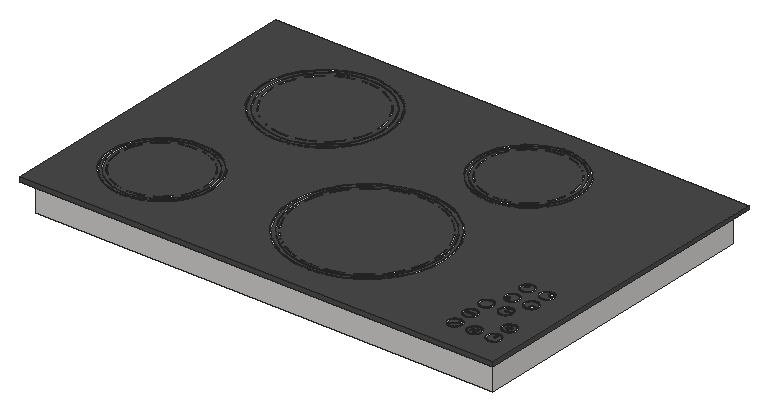
Revit family "QF_Summit_CR4B30T11B_Electric Cooktop", category Specialty Equipment, Revit 2020 (continued)
Lines and regions (in)
  symbolic lines
    curve 112: arc (18.84122, -1.96696, 0) -> (19.32257, -1.83798, 0) -> (19.81931, -1.79816, 0) r 2.7448
    curve 113: line (19.81931, -1.79816, 0) -> (19.81931, -1.76691, 0)
    curve 114: arc (19.81931, -1.76691, 0) -> (19.31709, -1.80721, 0) -> (18.83042, -1.93763, 0) r 2.77605
    curve 115: line (18.83042, -1.93763, 0) -> (18.84122, -1.96696, 0)
    curve 116: arc (17.67754, -2.78947, 0) -> (18.01373, -2.4497, 0) -> (18.40376, -2.1734, 0) r 2.7448
    curve 117: line (18.40376, -2.1734, 0) -> (18.38799, -2.14642, 0)
    curve 118: arc (18.38799, -2.14642, 0) -> (17.99351, -2.42587, 0) -> (17.6535, -2.76951, 0) r 2.77605
    curve 119: line (17.6535, -2.76951, 0) -> (17.67754, -2.78947, 0)
    curve 120: arc (1.85553, -15.48286, 0) -> (5.04303, -12.29536, 0) -> (8.23053, -15.48286, 0) r 3.1875
    curve 121: arc (8.29303, -15.48286, 0) -> (5.04303, -12.23286, 0) -> (1.79303, -15.48286, 0) r 3.25
    curve 122: arc (1.79303, -15.48286, 0) -> (5.04303, -18.73286, 0) -> (8.29303, -15.48286, 0) r 3.25
    curve 123: arc (8.23053, -15.48286, 0) -> (5.04303, -18.67036, 0) -> (1.85553, -15.48286, 0) r 3.1875
    curve 124: arc (2.02385, -15.48286, 0) -> (5.04303, -18.50204, 0) -> (8.06221, -15.48286, 0) r 3.01918
    curve 125: arc (8.06221, -15.48286, 0) -> (5.04303, -12.46368, 0) -> (2.02385, -15.48286, 0) r 3.01918
    curve 126: arc (8.03096, -15.48286, 0) -> (5.04303, -18.47079, 0) -> (2.0551, -15.48286, 0) r 2.98793
    curve 127: arc (2.0551, -15.48286, 0) -> (5.04303, -12.49493, 0) -> (8.03096, -15.48286, 0) r 2.98793
    curve 128: arc (2.93121, -13.72954, 0) -> (3.26739, -13.38976, 0) -> (3.65743, -13.11346, 0) r 2.7448
    curve 129: line (3.65743, -13.11346, 0) -> (3.64165, -13.08649, 0)
    curve 130: arc (3.64165, -13.08649, 0) -> (3.24718, -13.36593, 0) -> (2.90716, -13.70958, 0) r 2.77605
    curve 131: line (2.90716, -13.70958, 0) -> (2.93121, -13.72954, 0)
    curve 132: arc (4.09488, -12.90702, 0) -> (4.57624, -12.77804, 0) -> (5.07297, -12.73822, 0) r 2.7448
    curve 133: line (5.07297, -12.73822, 0) -> (5.07297, -12.70697, 0)
    curve 134: arc (5.07297, -12.70697, 0) -> (4.57075, -12.74728, 0) -> (4.08409, -12.87769, 0) r 2.77605
    curve 135: line (4.08409, -12.87769, 0) -> (4.09488, -12.90702, 0)
    curve 136: arc (5.53819, -12.78309, 0) -> (6.00075, -12.91056, 0) -> (6.43404, -13.11663, 0) r 2.7448
    curve 137: line (6.43404, -13.11663, 0) -> (6.44987, -13.08969, 0)
    curve 138: arc (6.44987, -13.08969, 0) -> (6.01165, -12.88128, 0) -> (5.54383, -12.75235, 0) r 2.77605
    curve 139: line (5.54383, -12.75235, 0) -> (5.53819, -12.78309, 0)
    curve 140: arc (6.79175, -13.36723, 0) -> (7.14976, -13.72342, 0) -> (7.43645, -14.13918, 0) r 2.7448
    curve 141: line (7.43645, -14.13918, 0) -> (7.4637, -14.12388, 0)
    curve 142: arc (7.4637, -14.12388, 0) -> (7.1747, -13.70453, 0) -> (6.81395, -13.34503, 0) r 2.77605
    curve 143: line (6.81395, -13.34503, 0) -> (6.79175, -13.36723, 0)
    curve 144: arc (7.81901, -15.50307, 0) -> (7.78036, -15.0208, 0) -> (7.65856, -14.55255, 0) r 2.77605
    curve 145: line (7.65856, -14.55255, 0) -> (7.62911, -14.56302, 0)
    curve 146: arc (7.62911, -14.56302, 0) -> (7.74956, -15.02611, 0) -> (7.78776, -15.50307, 0) r 2.7448
    curve 147: line (7.78776, -15.50307, 0) -> (7.81901, -15.50307, 0)
    curve 148: arc (7.43908, -16.88479, 0) -> (7.65085, -16.43455, 0) -> (7.77886, -15.95373, 0) r 2.77605
    curve 149: line (7.77886, -15.95373, 0) -> (7.74806, -15.94843, 0)
    curve 150: arc (7.74806, -15.94843, 0) -> (7.6215, -16.42384, 0) -> (7.41211, -16.86901, 0) r 2.7448
    curve 151: line (7.41211, -16.86901, 0) -> (7.43908, -16.88479, 0)
    curve 152: arc (6.43542, -17.88446, 0) -> (6.83025, -17.60708, 0) -> (7.17108, -17.26552, 0) r 2.77605
    curve 153: line (7.17108, -17.26552, 0) -> (7.14889, -17.24334, 0)
    curve 154: arc (7.14889, -17.24334, 0) -> (6.81118, -17.58228, 0) -> (6.41975, -17.85743, 0) r 2.7448
    curve 155: line (6.41975, -17.85743, 0) -> (6.43542, -17.88446, 0)
    curve 156: arc (5.05374, -18.25889, 0) -> (5.53871, -18.2143, 0) -> (6.00842, -18.08565, 0) r 2.77605
    curve 157: line (6.00842, -18.08565, 0) -> (5.99755, -18.05635, 0)
    curve 158: arc (5.99755, -18.05635, 0) -> (5.53319, -18.18354, 0) -> (5.05374, -18.22764, 0) r 2.7448
    curve 159: line (5.05374, -18.22764, 0) -> (5.05374, -18.25889, 0)
    curve 160: arc (3.62091, -17.86698, 0) -> (4.10285, -18.09486, 0) -> (4.61947, -18.22641, 0) r 2.77605
    curve 161: line (4.61947, -18.22641, 0) -> (4.62423, -18.19553, 0)
    curve 162: arc (4.62423, -18.19553, 0) -> (4.11343, -18.06546, 0) -> (3.63692, -17.84015, 0) r 2.7448
    curve 163: line (3.63692, -17.84015, 0) -> (3.62091, -17.86698, 0)
    curve 164: arc (2.62098, -16.83939, 0) -> (2.91281, -17.26293, 0) -> (3.27776, -17.62536, 0) r 2.77605
    curve 165: line (3.27776, -17.62536, 0) -> (3.29996, -17.60316, 0)
    curve 166: arc (3.29996, -17.60316, 0) -> (2.93776, -17.24405, 0) -> (2.64825, -16.82412, 0) r 2.7448
    curve 167: line (2.64825, -16.82412, 0) -> (2.62098, -16.83939, 0)
    curve 168: arc (2.46544, -16.42624, 0) -> (2.3373, -15.94435, 0) -> (2.29846, -15.44722, 0) r 2.7448
    curve 169: line (2.29846, -15.44722, 0) -> (2.2672, -15.44722, 0)
    curve 170: arc (2.2672, -15.44722, 0) -> (2.30653, -15.9498, 0) -> (2.43609, -16.43698, 0) r 2.77605
    curve 171: line (2.43609, -16.43698, 0) -> (2.46544, -16.42624, 0)
    curve 172: arc (2.33765, -15.01931, 0) -> (2.46549, -14.53933, 0) -> (2.67775, -14.09024, 0) r 2.7448
    curve 173: line (2.67775, -14.09024, 0) -> (2.65082, -14.07439, 0)
    curve 174: arc (2.65082, -14.07439, 0) -> (2.43615, -14.52858, 0) -> (2.30685, -15.01403, 0) r 2.77605
    curve 175: line (2.30685, -15.01403, 0) -> (2.33765, -15.01931, 0)
    curve 176: arc (21.88358, -13.98335, 0) -> (17.00858, -9.10835, 0) -> (12.13358, -13.98335, 0) r 4.875
    curve 177: arc (12.13358, -13.98335, 0) -> (17.00858, -18.85835, 0) -> (21.88358, -13.98335, 0) r 4.875
    curve 178: arc (12.19608, -13.98335, 0) -> (17.00858, -9.17085, 0) -> (21.82108, -13.98335, 0) r 4.8125
    curve 179: arc (21.82108, -13.98335, 0) -> (17.00858, -18.79585, 0) -> (12.19608, -13.98335, 0) r 4.8125
    curve 180: arc (21.61174, -13.98335, 0) -> (17.00858, -9.38019, 0) -> (12.40541, -13.98335, 0) r 4.60317
    curve 181: arc (12.40541, -13.98335, 0) -> (17.00858, -18.58652, 0) -> (21.61174, -13.98335, 0) r 4.60317
    curve 182: arc (12.43666, -13.98335, 0) -> (17.00858, -9.41144, 0) -> (21.58049, -13.98335, 0) r 4.57192
    curve 183: arc (21.58049, -13.98335, 0) -> (17.00858, -18.55527, 0) -> (12.43666, -13.98335, 0) r 4.57192
    curve 184: arc (12.65949, -13.49166, 0) -> (12.75282, -12.9612, 0) -> (12.91059, -12.44622, 0) r 4.37679
    curve 185: line (12.91059, -12.44622, 0) -> (12.88133, -12.43524, 0)
    curve 186: arc (12.88133, -12.43524, 0) -> (12.72243, -12.9539, 0) -> (12.62844, -13.48815, 0) r 4.40804
    curve 187: line (12.62844, -13.48815, 0) -> (12.65949, -13.49166, 0)
    curve 188: arc (13.08619, -12.04139, 0) -> (13.34942, -11.58192, 0) -> (13.66621, -11.1576, 0) r 4.37679
    curve 189: line (13.66621, -11.1576, 0) -> (13.64235, -11.13742, 0)
    curve 190: arc (13.64235, -11.13742, 0) -> (13.3233, -11.56477, 0) -> (13.05819, -12.02753, 0) r 4.40804
    curve 191: line (13.05819, -12.02753, 0) -> (13.08619, -12.04139, 0)
    curve 192: arc (13.99471, -10.80957, 0) -> (14.3905, -10.47594, 0) -> (14.82292, -10.19136, 0) r 4.37679
    curve 193: line (14.82292, -10.19136, 0) -> (14.80731, -10.16429, 0)
    curve 194: arc (14.80731, -10.16429, 0) -> (14.37148, -10.45113, 0) -> (13.9726, -10.78747, 0) r 4.40804
    curve 195: line (13.9726, -10.78747, 0) -> (13.99471, -10.80957, 0)
    curve 196: arc (15.25755, -9.9721, 0) -> (15.75646, -9.78949, 0) -> (16.27382, -9.66868, 0) r 4.37679
    curve 197: line (16.27382, -9.66868, 0) -> (16.26857, -9.63787, 0)
    curve 198: arc (16.26857, -9.63787, 0) -> (15.74752, -9.75955, 0) -> (15.24504, -9.94346, 0) r 4.40804
    curve 199: line (15.24504, -9.94346, 0) -> (15.25755, -9.9721, 0)
    curve 200: arc (16.73762, -9.61496, 0) -> (17.2659, -9.61413, 0) -> (17.79043, -9.67696, 0) r 4.37679
    curve 201: line (17.79043, -9.67696, 0) -> (17.79602, -9.64621, 0)
    curve 202: arc (17.79602, -9.64621, 0) -> (17.26774, -9.58294, 0) -> (16.73568, -9.58377, 0) r 4.40804
    curve 203: line (16.73568, -9.58377, 0) -> (16.73762, -9.61496, 0)
    curve 204: arc (18.24234, -9.78405, 0) -> (18.75219, -9.96887, 0) -> (19.23528, -10.21532, 0) r 4.37679
    curve 205: line (19.23528, -10.21532, 0) -> (19.25118, -10.18841, 0)
    curve 206: arc (19.25118, -10.18841, 0) -> (18.76464, -9.9402, 0) -> (18.25115, -9.75407, 0) r 4.40804
    curve 207: line (18.25115, -9.75407, 0) -> (18.24234, -9.78405, 0)
    curve 208: arc (19.57105, -10.43511, 0) -> (19.99854, -10.78703, 0) -> (20.37817, -11.19012, 0) r 4.37679
    curve 209: line (20.37817, -11.19012, 0) -> (20.40222, -11.17017, 0)
    curve 210: arc (20.40222, -11.17017, 0) -> (20.02172, -10.76593, 0) -> (19.59343, -10.41273, 0) r 4.40804
    curve 211: line (19.59343, -10.41273, 0) -> (19.57105, -10.43511, 0)
    curve 212: arc (20.6498, -11.55481, 0) -> (20.91901, -12.01744, 0) -> (21.12973, -12.50946, 0) r 4.37679
    curve 213: line (21.12973, -12.50946, 0) -> (21.15916, -12.49894, 0)
    curve 214: arc (21.15916, -12.49894, 0) -> (20.94693, -12.0034, 0) -> (20.6758, -11.53747, 0) r 4.40804
    curve 215: line (20.6758, -11.53747, 0) -> (20.6498, -11.55481, 0)
    curve 216: arc (21.26865, -12.97933, 0) -> (21.35697, -13.4856, 0) -> (21.38534, -13.99873, 0) r 4.37679
    curve 217: line (21.38534, -13.99873, 0) -> (21.41659, -13.99873, 0)
    curve 218: arc (21.41659, -13.99873, 0) -> (21.38801, -13.48199, 0) -> (21.29907, -12.97216, 0) r 4.40804
    curve 219: line (21.29907, -12.97216, 0) -> (21.26865, -12.97933, 0)
    curve 220: arc (21.35582, -14.49106, 0) -> (21.26553, -15.00054, 0) -> (21.11574, -15.49579, 0) r 4.37679
    curve 221: line (21.11574, -15.49579, 0) -> (21.14507, -15.50659, 0)
    curve 222: arc (21.14507, -15.50659, 0) -> (21.29592, -15.0078, 0) -> (21.38686, -14.49469, 0) r 4.40804
    curve 223: line (21.38686, -14.49469, 0) -> (21.35582, -14.49106, 0)
    curve 224: arc (20.36799, -16.83733, 0) -> (20.69281, -16.40352, 0) -> (20.96195, -15.93314, 0) r 4.40804
    curve 225: line (20.96195, -15.93314, 0) -> (20.93393, -15.91931, 0)
    curve 226: arc (20.93393, -15.91931, 0) -> (20.66739, -16.3853, 0) -> (20.34582, -16.81516, 0) r 4.37679
    curve 227: line (20.34582, -16.81516, 0) -> (20.36799, -16.83733, 0)
    curve 228: arc (19.20341, -17.80612, 0) -> (19.64305, -17.51753, 0) -> (20.0452, -17.17863, 0) r 4.40804
    curve 229: line (20.0452, -17.17863, 0) -> (20.02309, -17.15652, 0)
    curve 230: arc (20.02309, -17.15652, 0) -> (19.62405, -17.49271, 0) -> (19.18785, -17.77902, 0) r 4.37679
    curve 231: line (19.18785, -17.77902, 0) -> (19.20341, -17.80612, 0)
    curve 232: arc (17.77534, -18.32419, 0) -> (18.29216, -18.20037, 0) -> (18.79033, -18.01525, 0) r 4.40804
    curve 233: line (18.79033, -18.01525, 0) -> (18.7777, -17.98666, 0)
    curve 234: arc (18.7777, -17.98666, 0) -> (18.28306, -18.17047, 0) -> (17.7699, -18.29342, 0) r 4.37679
    curve 235: line (17.7699, -18.29342, 0) -> (17.77534, -18.32419, 0)
    curve 236: arc (16.24245, -18.3243, 0) -> (16.78325, -18.38563, 0) -> (17.32749, -18.37984, 0) r 4.40804
    curve 237: line (17.32749, -18.37984, 0) -> (17.32749, -18.34851, 0)
    curve 238: arc (17.32749, -18.34851, 0) -> (16.78598, -18.35448, 0) -> (16.24788, -18.29353, 0) r 4.37679
    curve 239: line (16.24788, -18.29353, 0) -> (16.24245, -18.3243, 0)
    curve 240: arc (14.82506, -17.81259, 0) -> (15.30018, -18.04687, 0) -> (15.79998, -18.22247, 0) r 4.40804
    curve 241: line (15.79998, -18.22247, 0) -> (15.80855, -18.19242, 0)
    curve 242: arc (15.80855, -18.19242, 0) -> (15.31229, -18.01807, 0) -> (14.84054, -17.78544, 0) r 4.37679
    curve 243: line (14.84054, -17.78544, 0) -> (14.82506, -17.81259, 0)
    curve 244: arc (13.63917, -16.82551, 0) -> (14.01385, -17.21792, 0) -> (14.43391, -17.56133, 0) r 4.40804
    curve 245: line (14.43391, -17.56133, 0) -> (14.45217, -17.53597, 0)
    curve 246: arc (14.45217, -17.53597, 0) -> (14.03411, -17.19409, 0) -> (13.66134, -16.80334, 0) r 4.37679
    curve 247: line (13.66134, -16.80334, 0) -> (13.63917, -16.82551, 0)
    curve 248: arc (12.86179, -15.47835, 0) -> (13.07741, -15.97752, 0) -> (13.35284, -16.44636, 0) r 4.40804
    curve 249: line (13.35284, -16.44636, 0) -> (13.37876, -16.4289, 0)
    curve 250: arc (13.37876, -16.4289, 0) -> (13.10528, -15.96339, 0) -> (12.89119, -15.46775, 0) r 4.37679
    curve 251: line (12.89119, -15.46775, 0) -> (12.86179, -15.47835, 0)
    curve 252: arc (12.60063, -13.95471, 0) -> (12.63128, -14.50307, 0) -> (12.72989, -15.04337, 0) r 4.40804
    curve 253: line (12.72989, -15.04337, 0) -> (12.76022, -15.03585, 0)
    curve 254: arc (12.76022, -15.03585, 0) -> (12.6623, -14.49929, 0) -> (12.63188, -13.95471, 0) r 4.37679
    curve 255: line (12.63188, -13.95471, 0) -> (12.60063, -13.95471, 0)
    curve 256: arc (26.47358, -13.49472, 0) -> (26.90227, -13.92341, 0) -> (27.33097, -13.49472, 0) r 0.42869
    curve 257: arc (27.33097, -13.49472, 0) -> (26.90227, -13.06603, 0) -> (26.47358, -13.49472, 0) r 0.42869
    curve 258: arc (27.29972, -13.49472, 0) -> (26.90227, -13.89216, 0) -> (26.50483, -13.49472, 0) r 0.39744
    curve 259: arc (26.50483, -13.49472, 0) -> (26.90227, -13.09728, 0) -> (27.29972, -13.49472, 0) r 0.39744
    curve 260: arc (26.60588, -13.33264, 0) -> (26.74122, -13.46797, 0) -> (26.87656, -13.33264, 0) r 0.13534
    curve 261: arc (26.87656, -13.33264, 0) -> (26.74122, -13.1973, 0) -> (26.60588, -13.33264, 0) r 0.13534
    curve 262: arc (27.70956, -13.49472, 0) -> (28.13825, -13.92341, 0) -> (28.56694, -13.49472, 0) r 0.42869
    curve 263: arc (28.56694, -13.49472, 0) -> (28.13825, -13.06603, 0) -> (27.70956, -13.49472, 0) r 0.42869
    curve 264: arc (27.74081, -13.49472, 0) -> (28.13825, -13.89216, 0) -> (28.53569, -13.49472, 0) r 0.39744
    curve 265: arc (28.53569, -13.49472, 0) -> (28.13825, -13.09728, 0) -> (27.74081, -13.49472, 0) r 0.39744
    curve 266: arc (28.16397, -13.33264, 0) -> (28.29931, -13.46797, 0) -> (28.43464, -13.33264, 0) r 0.13534
    curve 267: arc (28.43464, -13.33264, 0) -> (28.29931, -13.1973, 0) -> (28.16397, -13.33264, 0) r 0.13534
    curve 268: arc (27.33097, -14.74156, 0) -> (26.90227, -14.31287, 0) -> (26.47358, -14.74156, 0) r 0.42869
    curve 269: arc (26.47358, -14.74156, 0) -> (26.90227, -15.17026, 0) -> (27.33097, -14.74156, 0) r 0.42869
    curve 270: arc (26.50483, -14.74156, 0) -> (26.90227, -14.34412, 0) -> (27.29972, -14.74156, 0) r 0.39744
    curve 271: arc (27.29972, -14.74156, 0) -> (26.90227, -15.13901, 0) -> (26.50483, -14.74156, 0) r 0.39744
    curve 272: arc (26.87656, -14.90365, 0) -> (26.74122, -14.76831, 0) -> (26.60588, -14.90365, 0) r 0.13534
    curve 273: arc (26.60588, -14.90365, 0) -> (26.74122, -15.03898, 0) -> (26.87656, -14.90365, 0) r 0.13534
    curve 274: arc (28.56694, -14.74156, 0) -> (28.13825, -14.31287, 0) -> (27.70956, -14.74156, 0) r 0.42869
    curve 275: arc (27.70956, -14.74156, 0) -> (28.13825, -15.17026, 0) -> (28.56694, -14.74156, 0) r 0.42869
    curve 276: arc (27.74081, -14.74156, 0) -> (28.13825, -14.34412, 0) -> (28.53569, -14.74156, 0) r 0.39744
    curve 277: arc (28.53569, -14.74156, 0) -> (28.13825, -15.13901, 0) -> (27.74081, -14.74156, 0) r 0.39744
    curve 278: arc (28.43464, -14.90365, 0) -> (28.29931, -14.76831, 0) -> (28.16397, -14.90365, 0) r 0.13534
    curve 279: arc (28.16397, -14.90365, 0) -> (28.29931, -15.03898, 0) -> (28.43464, -14.90365, 0) r 0.13534
    curve 280: arc (27.95818, -16.01664, 0) -> (27.52949, -15.58795, 0) -> (27.1008, -16.01664, 0) r 0.42869
    curve 281: arc (27.1008, -16.01664, 0) -> (27.52949, -16.44533, 0) -> (27.95818, -16.01664, 0) r 0.42869
    curve 282: arc (27.13205, -16.01664, 0) -> (27.52949, -15.6192, 0) -> (27.92693, -16.01664, 0) r 0.39744
    curve 283: arc (27.92693, -16.01664, 0) -> (27.52949, -16.41408, 0) -> (27.13205, -16.01664, 0) r 0.39744
    curve 284: line (27.85688, -16.00195, 0) -> (27.54772, -15.9749, 0)
    curve 285: line (27.54772, -15.9749, 0) -> (27.51192, -15.68329, 0)
    curve 286: line (27.51192, -15.68329, 0) -> (27.4782, -16.06872, 0)
    curve 287: line (27.4782, -16.06872, 0) -> (27.85688, -16.00195, 0)
    curve 288: arc (26.70818, -16.01664, 0) -> (26.27949, -15.58795, 0) -> (25.8508, -16.01664, 0) r 0.42869
    curve 289: arc (25.8508, -16.01664, 0) -> (26.27949, -16.44533, 0) -> (26.70818, -16.01664, 0) r 0.42869
    curve 290: arc (25.9133, -16.01664, 0) -> (26.27949, -15.65045, 0) -> (26.64568, -16.01664, 0) r 0.36619
    curve 291: arc (26.64568, -16.01664, 0) -> (26.27949, -16.38283, 0) -> (25.9133, -16.01664, 0) r 0.36619
    curve 292: arc (26.68949, -17.2697, 0) -> (26.2608, -16.84101, 0) -> (25.83211, -17.2697, 0) r 0.42869
    curve 293: arc (25.83211, -17.2697, 0) -> (26.2608, -17.69839, 0) -> (26.68949, -17.2697, 0) r 0.42869
    curve 294: arc (25.86336, -17.2697, 0) -> (26.2608, -16.87226, 0) -> (26.65824, -17.2697, 0) r 0.39744
    curve 295: arc (26.65824, -17.2697, 0) -> (26.2608, -17.66714, 0) -> (25.86336, -17.2697, 0) r 0.39744
    curve 296: line (26.50086, -17.20423, 0) -> (26.02426, -17.20423, 0)
    curve 297: line (26.02426, -17.20423, 0) -> (26.02426, -17.32224, 0)
    curve 298: line (26.02426, -17.32224, 0) -> (26.50086, -17.32224, 0)
    curve 299: line (26.50086, -17.32224, 0) -> (26.50086, -17.20423, 0)
    curve 300: arc (29.18949, -17.2697, 0) -> (28.7608, -16.84101, 0) -> (28.33211, -17.2697, 0) r 0.42869
    curve 301: arc (28.33211, -17.2697, 0) -> (28.7608, -17.69839, 0) -> (29.18949, -17.2697, 0) r 0.42869
    curve 302: arc (28.36336, -17.2697, 0) -> (28.7608, -16.87226, 0) -> (29.15824, -17.2697, 0) r 0.39744
    curve 303: arc (29.15824, -17.2697, 0) -> (28.7608, -17.66714, 0) -> (28.36336, -17.2697, 0) r 0.39744
    curve 304: line (28.72073, -17.22567, 0) -> (28.59256, -17.22567, 0)
    curve 305: line (28.59256, -17.22567, 0) -> (28.59256, -17.31704, 0)
    curve 306: line (28.59256, -17.31704, 0) -> (28.72073, -17.31704, 0)
    curve 307: line (28.72073, -17.31704, 0) -> (28.72073, -17.44753, 0)
    curve 308: line (28.72073, -17.44753, 0) -> (28.80832, -17.44753, 0)
    curve 309: line (28.80832, -17.44753, 0) -> (28.80832, -17.31704, 0)
    curve 310: line (28.80832, -17.31704, 0) -> (28.92837, -17.31704, 0)
    curve 311: line (28.92837, -17.31704, 0) -> (28.92837, -17.22567, 0)
    curve 312: line (28.92837, -17.22567, 0) -> (28.80832, -17.22567, 0)
    curve 313: line (28.80832, -17.22567, 0) -> (28.80832, -17.09606, 0)
    curve 314: line (28.80832, -17.09606, 0) -> (28.72073, -17.09606, 0)
    curve 315: line (28.72073, -17.09606, 0) -> (28.72073, -17.22567, 0)
    curve 316: arc (28.31496, -18.50547, 0) -> (28.74365, -18.93416, 0) -> (29.17234, -18.50547, 0) r 0.42869
    curve 317: arc (29.17234, -18.50547, 0) -> (28.74365, -18.07678, 0) -> (28.31496, -18.50547, 0) r 0.42869
    curve 318: arc (29.14109, -18.50547, 0) -> (28.74365, -18.90291, 0) -> (28.34621, -18.50547, 0) r 0.39744
    curve 319: arc (28.34621, -18.50547, 0) -> (28.74365, -18.10803, 0) -> (29.14109, -18.50547, 0) r 0.39744
    curve 320: line (28.80716, -18.46609, 0) -> (28.80716, -18.16595, 0)
    curve 321: line (28.80716, -18.16595, 0) -> (28.70511, -18.16595, 0)
    curve 322: line (28.70511, -18.16595, 0) -> (28.70511, -18.46609, 0)
    curve 323: line (28.70511, -18.46609, 0) -> (28.80716, -18.46609, 0)
    curve 324: arc (27.94202, -18.50547, 0) -> (27.51333, -18.07678, 0) -> (27.08464, -18.50547, 0) r 0.42869
    curve 325: arc (27.08464, -18.50547, 0) -> (27.51333, -18.93416, 0) -> (27.94202, -18.50547, 0) r 0.42869
    curve 326: arc (27.11589, -18.50547, 0) -> (27.51333, -18.10803, 0) -> (27.91077, -18.50547, 0) r 0.39744
    curve 327: arc (27.91077, -18.50547, 0) -> (27.51333, -18.90291, 0) -> (27.11589, -18.50547, 0) r 0.39744
    curve 328: line (27.52935, -18.49018, 0) -> (27.27916, -18.3515, 0)
    curve 329: line (27.27916, -18.3515, 0) -> (27.27916, -18.62886, 0)
    curve 330: line (27.27916, -18.62886, 0) -> (27.52935, -18.49018, 0)
    curve 331: line (27.55549, -18.30333, 0) -> (27.55549, -18.67704, 0)
    curve 332: line (27.55549, -18.67704, 0) -> (27.68409, -18.67704, 0)
    curve 333: line (27.68409, -18.67704, 0) -> (27.68409, -18.30333, 0)
    curve 334: line (27.68409, -18.30333, 0) -> (27.55549, -18.30333, 0)
    curve 335: arc (26.68704, -18.50547, 0) -> (26.25835, -18.07678, 0) -> (25.82966, -18.50547, 0) r 0.42869
    curve 336: arc (25.82966, -18.50547, 0) -> (26.25835, -18.93416, 0) -> (26.68704, -18.50547, 0) r 0.42869
    curve 337: arc (25.86091, -18.50547, 0) -> (26.25835, -18.10803, 0) -> (26.65579, -18.50547, 0) r 0.39744
    curve 338: arc (26.65579, -18.50547, 0) -> (26.25835, -18.90291, 0) -> (25.86091, -18.50547, 0) r 0.39744
    curve 339: line (26.06202, -18.74462, 0) -> (26.42385, -18.38279, 0)
    curve 340: arc (26.42385, -18.38279, 0) -> (26.49889, -18.26372, 0) -> (26.37982, -18.33876, 0) r 0.07216
    curve 341: line (26.37982, -18.33876, 0) -> (26.01799, -18.70059, 0)
    curve 342: line (26.01799, -18.70059, 0) -> (26.06202, -18.74462, 0)
Dimensions and locks (in)
  equal spacing: plane 3 "LEFT", plane 7 "Center Y", plane 4 "RIGHT"
  "Length": plane 3 "LEFT" to plane 4 "RIGHT"
  equal spacing: plane 5 "FRONT", plane 8 "Center X", plane 1 "BACK"
  "Depth": plane 5 "FRONT" to plane 1 "BACK"
  "Height": plane 6 "TOP" to level
  plane 10 to plane 9 = 19 1/4"
  plane 11 to plane 12 = 29 1/4"  (x2)
  plane 6 "TOP" to plane 13 = 1/4"
  plane 13 to plane 2 = 1.88"
  plane 11 to plane 3 "LEFT" = 1/2"
  plane 4 "RIGHT" to plane 12 = 1/2"
  plane 4 "RIGHT" to plane 3 "LEFT" = 30 1/4"
  locked: plane 2 to plane 14 at 1
  aligned and locked: level to plane 2
Automatic sketch dimensions
  curve 5 to curve 7 = 0"  (x2)
  curve 5 to curve 9 = 0"
  curve 5 to curve 11 = 0"
  curve 5 to curve 13 = 0"
  curve 5 to curve 15 = 0"
  curve 5 to curve 17 = 0"
  curve 5 to curve 19 = 0"
  curve 5 to curve 21 = 0"
  curve 5 to curve 23 = 0"
  curve 5 to curve 25 = 0"
  curve 5 to curve 27 = 0"
  curve 5 to curve 29 = 0"
  curve 5 to curve 31 = 0"
  curve 5 to curve 33 = 0"
  curve 5 to curve 35 = 0"
  curve 5 to curve 37 = 0"
  curve 5 to curve 39 = 0"
  curve 5 to curve 41 = 0"
  curve 5 to curve 43 = 0"
  curve 5 to curve 45 = 0"
  curve 5 to curve 47 = 0"
  curve 5 to curve 49 = 0"
  curve 5 to curve 51 = 0"
  curve 5 to curve 53 = 0"
  curve 5 to curve 55 = 0"
  curve 5 to curve 57 = 0"
  curve 5 to curve 59 = 0"
  curve 5 to curve 61 = 0"
  curve 5 to curve 63 = 0"
  curve 5 to curve 65 = 0"
  curve 5 to curve 67 = 0"
  curve 8 to curve 63 = 0"
  curve 9 to curve 11 = 0"
  curve 9 to curve 13 = 0"
  curve 9 to curve 17 = 0"
  curve 9 to curve 19 = 0"
  curve 9 to curve 21 = 0"
  curve 9 to curve 23 = 0"
  curve 9 to curve 25 = 0"
  curve 9 to curve 27 = 0"
  curve 9 to curve 29 = 0"
  curve 9 to curve 31 = 0"
  curve 9 to curve 33 = 0"
  curve 9 to curve 35 = 0"
  curve 9 to curve 37 = 0"
  curve 9 to curve 39 = 0"
  curve 9 to curve 41 = 0"
  curve 9 to curve 43 = 0"
  curve 9 to curve 45 = 0"
  curve 9 to curve 49 = 0"
  curve 9 to curve 51 = 0"
  curve 9 to curve 53 = 0"
  curve 9 to curve 55 = 0"
  curve 9 to curve 57 = 0"
  curve 9 to curve 59 = 0"
  curve 9 to curve 61 = 0"
  curve 9 to curve 63 = 0"
  curve 9 to curve 65 = 0"
  curve 9 to curve 67 = 0"
  curve 69 to curve 71 = 0"  (x2)
  curve 69 to curve 73 = 0"  (x2)
  curve 69 to curve 75 = 0"  (x2)
  curve 69 to curve 77 = 0"  (x2)
  curve 69 to curve 79 = 0"  (x2)
  curve 69 to curve 81 = 0"  (x2)
  curve 69 to curve 83 = 0"  (x2)
  curve 69 to curve 85 = 0"  (x2)
  curve 69 to curve 87 = 0"  (x2)
  curve 69 to curve 89 = 0"  (x2)
  curve 69 to curve 91 = 0"  (x2)
  curve 69 to curve 93 = 0"  (x2)
  curve 69 to curve 95 = 0"  (x2)
  curve 69 to curve 97 = 0"  (x2)
  curve 69 to curve 99 = 0"  (x2)
  curve 69 to curve 101 = 0"  (x2)
  curve 69 to curve 102 = 0"  (x2)
  curve 69 to curve 104 = 0"  (x2)
  curve 69 to curve 106 = 0"  (x2)
  curve 69 to curve 108 = 0"  (x2)
  curve 69 to curve 110 = 0"  (x2)
  curve 69 to curve 112 = 0"  (x2)
  curve 69 to curve 114 = 0"  (x2)
  curve 69 to curve 116 = 0"  (x2)
  curve 69 to curve 118 = 0"  (x2)
  curve 120 to curve 121 = 0"  (x2)
  curve 120 to curve 124 = 0"  (x2)
  curve 120 to curve 126 = 0"  (x2)
  curve 120 to curve 128 = 0"  (x2)
  curve 120 to curve 130 = 0"  (x2)
  curve 120 to curve 132 = 0"  (x2)
  curve 120 to curve 134 = 0"  (x2)
  curve 120 to curve 136 = 0"  (x2)
  curve 120 to curve 138 = 0"  (x2)
  curve 120 to curve 140 = 0"  (x2)
  curve 120 to curve 142 = 0"  (x2)
  curve 120 to curve 144 = 0"  (x2)
  curve 120 to curve 146 = 0"  (x2)
  curve 120 to curve 148 = 0"  (x2)
  curve 120 to curve 150 = 0"  (x2)
  curve 120 to curve 152 = 0"  (x2)
  curve 120 to curve 154 = 0"  (x2)
  curve 120 to curve 156 = 0"  (x2)
  curve 120 to curve 158 = 0"  (x2)
  curve 120 to curve 160 = 0"  (x2)
  curve 120 to curve 162 = 0"  (x2)
  curve 120 to curve 164 = 0"  (x2)
  curve 120 to curve 166 = 0"  (x2)
  curve 120 to curve 168 = 0"  (x2)
  curve 120 to curve 170 = 0"  (x2)
  curve 120 to curve 172 = 0"  (x2)
  curve 120 to curve 174 = 0"  (x2)
  curve 176 to curve 178 = 0"  (x2)
  curve 176 to curve 180 = 0"
  curve 176 to curve 182 = 0"
  curve 176 to curve 184 = 0"
  curve 176 to curve 186 = 0"
  curve 176 to curve 188 = 0"
  curve 176 to curve 190 = 0"
  curve 176 to curve 192 = 0"
  curve 176 to curve 194 = 0"
  curve 176 to curve 196 = 0"
  curve 176 to curve 198 = 0"
  curve 176 to curve 200 = 0"
  curve 176 to curve 202 = 0"
  curve 176 to curve 204 = 0"
  curve 176 to curve 206 = 0"
  curve 176 to curve 208 = 0"
  curve 176 to curve 210 = 0"
  curve 176 to curve 212 = 0"
  curve 176 to curve 214 = 0"
  curve 176 to curve 216 = 0"
  curve 176 to curve 218 = 0"
  curve 176 to curve 220 = 0"
  curve 176 to curve 222 = 0"
  curve 176 to curve 224 = 0"
  curve 176 to curve 226 = 0"
  curve 176 to curve 228 = 0"
  curve 176 to curve 230 = 0"
  curve 179 to curve 252 = 0"
  curve 180 to curve 182 = 0"
  curve 180 to curve 184 = 0"
  curve 180 to curve 186 = 0"
  curve 180 to curve 188 = 0"
  curve 180 to curve 190 = 0"
  curve 180 to curve 192 = 0"
  curve 180 to curve 194 = 0"
  curve 180 to curve 196 = 0"
  curve 180 to curve 198 = 0"
  curve 180 to curve 200 = 0"
  curve 180 to curve 202 = 0"
  curve 180 to curve 204 = 0"
  curve 180 to curve 206 = 0"
  curve 180 to curve 208 = 0"
  curve 180 to curve 210 = 0"
  curve 180 to curve 212 = 0"
  curve 180 to curve 214 = 0"
  curve 180 to curve 216 = 0"
  curve 180 to curve 218 = 0"
  curve 180 to curve 220 = 0"
  curve 220 to curve 254 = 0"
  curve 222 to curve 254 = 0"
  curve 224 to curve 254 = 0"
  curve 226 to curve 254 = 0"
  curve 228 to curve 254 = 0"
  curve 230 to curve 254 = 0"  (x2)
  curve 232 to curve 254 = 0"  (x2)
  curve 234 to curve 254 = 0"  (x2)
  curve 236 to curve 254 = 0"  (x2)
  curve 238 to curve 254 = 0"  (x2)
  curve 240 to curve 254 = 0"  (x2)
  curve 242 to curve 254 = 0"  (x2)
  curve 244 to curve 254 = 0"  (x2)
  curve 246 to curve 254 = 0"  (x2)
  curve 248 to curve 254 = 0"  (x2)
  curve 250 to curve 254 = 0"  (x2)
  curve 252 to curve 254 = 0"  (x2)
  curve 1 to plane 3 "LEFT" = 0"
  curve 3 to plane 4 "RIGHT" = 0"
  plane 5 "FRONT" to curve 1 = 0"
  plane 1 "BACK" to curve 2 = 0"
  curve 169 to plane 11 = 1.7672"
  curve 170 to curve 169 = 1/32"
  curve 169 to curve 175 = 0.00839"
  curve 174 to curve 175 = 0.0308"
  curve 168 to curve 171 = 0.13763"
  curve 171 to curve 171 = 0.02935"
  curve 168 to curve 167 = 0.15555"
  curve 167 to curve 167 = 0.02726"
  curve 172 to curve 173 = 0.31317"
  curve 174 to curve 173 = 0.02693"
  curve 172 to curve 131 = 0.22941"
  curve 130 to curve 131 = 0.02404"
  curve 165 to plane 9 = 2.24964"
  curve 166 to curve 165 = 0.62951"
  curve 165 to curve 165 = 0.0222"  (x2)
  curve 166 to curve 163 = 0.32095"
  curve 160 to curve 163 = 0.01601"
  curve 131 to curve 129 = 0.71045"
  curve 130 to curve 129 = 0.01578"
  curve 128 to curve 135 = 0.42666"
  curve 134 to curve 135 = 0.01079"
  curve 48 to plane 11 = 3.64201"
  curve 45 to curve 48 = 1/32"
  curve 48 to curve 50 = 0.01086"
  curve 49 to curve 50 = 0.03086"
  curve 47 to curve 46 = 0.11278"
  curve 45 to curve 46 = 0.02992"
  curve 47 to curve 44 = 0.1553"
  curve 52 to plane 10 = 3.41557"
  curve 50 to curve 52 = 0.26611"
  curve 41 to curve 44 = 0.02822"
  curve 52 to plane 10 = 3.42919"
  curve 49 to curve 52 = 0.02813"
  curve 161 to plane 9 = 1.64859"
  curve 162 to curve 161 = 0.98255"
  curve 161 to plane 9 = 1.67947"
  curve 160 to curve 161 = 0.00477"
  curve 51 to curve 54 = 0.21666"
  curve 53 to curve 54 = 0.02587"
  plane 8 "Center X" to curve 42 = 2.44094"
  curve 43 to curve 42 = 0.53294"
  curve 166 to curve 120 = 2.39478"
  curve 162 to curve 159 = 0.42951"
  plane 8 "Center X" to curve 42 = 2.46306"
  curve 41 to curve 42 = 0.02212"
  curve 135 to curve 133 = 0.97809"
  curve 41 to curve 40 = 0.36412"
  curve 37 to curve 40 = 0.02222"
  curve 56 to plane 10 = 2.23777"
  curve 54 to curve 56 = 0.67288"
  curve 56 to plane 10 = 2.26002"
  curve 53 to curve 56 = 0.02224"
  curve 139 to plane 8 "Center X" = 2.53309"
  curve 133 to curve 139 = 0.46522"
  curve 139 to plane 8 "Center X" = 2.50235"
  curve 139 to curve 139 = 0.00564"
  curve 58 to plane 10 = 1.95615"
  curve 56 to curve 58 = 0.39201"
  curve 58 to plane 10 = 1.98322"
  curve 57 to curve 58 = 1/64"
  curve 157 to plane 9 = 1.81865"
  curve 158 to curve 157 = 0.94381"
  curve 157 to plane 9 = 1.78935"
  curve 157 to curve 157 = 0.01087"
  plane 8 "Center X" to curve 38 = 1.57348"
  curve 39 to curve 38 = 0.87861"
  plane 8 "Center X" to curve 38 = 1.60258"
  curve 38 to curve 38 = 0.01139"
  curve 155 to plane 9 = 2.01757"
  curve 158 to curve 155 = 0.4222"
  curve 137 to plane 8 "Center X" = 2.86663"
  curve 139 to curve 137 = 0.89585"
  curve 155 to plane 9 = 1.99054"
  curve 155 to curve 155 = 0.01567"
  curve 137 to plane 8 "Center X" = 2.83969"
  plane 8 "Center X" to curve 36 = 1.42501"
  curve 39 to curve 36 = 0.47118"
  plane 8 "Center X" to curve 36 = 1.45548"
  curve 33 to curve 36 = 0.00694"
  curve 60 to plane 10 = 1.58543"
  curve 58 to curve 60 = 0.93371"
  curve 143 to plane 8 "Center X" = 3.11723"
  curve 137 to curve 143 = 0.35772"
  curve 60 to plane 10 = 1.61592"
  curve 143 to plane 8 "Center X" = 3.09503"
  curve 143 to curve 143 = 0.0222"
  curve 153 to plane 9 = 2.63166"
  curve 153 to plane 9 = 2.60948"
  curve 62 to plane 10 = 1.51282"
  curve 59 to curve 62 = 0.47508"
  curve 62 to plane 10 = 1.54398"
  curve 61 to curve 62 = 0.00242"
  curve 151 to plane 9 = 3.00599"
  curve 154 to curve 151 = 0.26321"
  curve 141 to plane 8 "Center X" = 3.88918"
  curve 151 to plane 9 = 2.99021"
  curve 150 to curve 151 = 0.02697"
  curve 141 to plane 8 "Center X" = 3.87388"
  curve 63 to curve 51 = 0.26047"
  curve 140 to curve 145 = 0.19267"
  curve 146 to curve 145 = 0.02944"
  curve 149 to plane 9 = 3.92657"
  curve 149 to plane 9 = 3.92127"
  curve 150 to curve 147 = 0.0397"
  curve 146 to curve 147 = 1/32"
  plane 8 "Center X" to curve 34 = 1.38451"
  plane 8 "Center X" to curve 34 = 1.35338"
  plane 8 "Center X" to curve 32 = 1.45767"
  curve 35 to curve 32 = 0.46116"
  plane 8 "Center X" to curve 32 = 1.42722"
  curve 31 to curve 32 = 0.00703"
  curve 64 to plane 10 = 1.62523"
  curve 64 to plane 10 = 1.59483"
  curve 66 to plane 10 = 1.76931"
  curve 63 to curve 66 = 0.4574"
  curve 66 to plane 10 = 1.74025"
  curve 67 to curve 66 = 0.01149"
  plane 8 "Center X" to curve 30 = 1.84659"
  plane 8 "Center X" to curve 30 = 1.81976"
  curve 68 to plane 10 = 2.26689"
  plane 8 "Center X" to curve 28 = 2.11342"
  curve 31 to curve 28 = 0.38355"
  curve 68 to plane 10 = 2.24465"
  plane 8 "Center X" to curve 28 = 2.08907"
  curve 27 to curve 28 = 0.01959"
  curve 65 to curve 18 = 0.3406"
  curve 19 to curve 18 = 0.02211"
  plane 8 "Center X" to curve 26 = 2.86285"
  plane 8 "Center X" to curve 26 = 2.84547"
  curve 27 to curve 24 = 0.23176"
  curve 19 to curve 20 = 0.57939"
  curve 23 to curve 24 = 0.02813"
  curve 19 to curve 20 = 0.02825"
  curve 19 to curve 14 = 0.16601"
  curve 15 to curve 14 = 0.02979"
  curve 23 to curve 22 = 0.30381"
  curve 23 to curve 22 = 0.03095"
  curve 23 to curve 16 = 0.03194"
  curve 15 to curve 16 = 1/32"
  curve 255 to plane 7 "Center Y" = 2.52437"
  curve 252 to curve 187 = 0.02781"
  curve 255 to curve 255 = 1/32"
  curve 187 to curve 187 = 0.03105"
  curve 254 to curve 253 = 0.09801"
  curve 253 to curve 253 = 0.03033"
  curve 254 to curve 251 = 13/128"
  curve 187 to curve 185 = 0.22183"
  curve 251 to curve 251 = 0.0294"
  curve 185 to curve 185 = 0.02926"
  curve 185 to curve 191 = 0.1476"
  curve 191 to curve 191 = 0.02801"
  curve 250 to curve 249 = 0.46165"
  curve 249 to curve 249 = 0.02592"
  curve 250 to curve 247 = 0.26041"
  curve 189 to plane 8 "Center X" = 0.88742"
  curve 191 to curve 189 = 0.55615"
  curve 244 to curve 247 = 0.02218"
  curve 189 to plane 8 "Center X" = 0.9076"
  curve 189 to curve 189 = 0.02386"
  curve 195 to plane 8 "Center X" = 0.53747"
  curve 188 to curve 195 = 0.30639"
  curve 195 to plane 8 "Center X" = 0.55957"
  curve 195 to curve 195 = 0.0221"
  curve 245 to plane 7 "Center Y" = 0.69109"
  curve 245 to curve 245 = 0.01825"
  plane 8 "Center X" to curve 193 = 0.08571"
  curve 193 to plane 7 "Center Y" = 0.31769"
  plane 8 "Center X" to curve 193 = 0.05864"
  curve 243 to plane 7 "Center Y" = 0.29994"
  curve 240 to curve 243 = 0.01548"
  plane 7 "Center Y" to curve 199 = 0.12004"
  curve 198 to curve 199 = 0.0125"
  plane 7 "Center Y" to curve 241 = 0.67498"
  curve 241 to curve 241 = 0.00857"
  curve 242 to curve 239 = 0.4339"
  curve 239 to curve 239 = 0.00543"
  plane 8 "Center X" to curve 197 = 0.61213"
  curve 199 to curve 197 = 1.01102"
  plane 8 "Center X" to curve 197 = 0.58132"
  curve 198 to curve 197 = 0.00525"
  plane 8 "Center X" to curve 203 = 0.66623"
  curve 197 to curve 203 = 0.46186"
  plane 8 "Center X" to curve 203 = 0.63504"
  curve 202 to curve 203 = 0.00193"
  plane 7 "Center Y" to curve 236 = 1.88358"
  plane 7 "Center Y" to curve 84 = 1.88854"
  curve 81 to curve 84 = 1/32"
  curve 84 to curve 78 = 0.00839"
  curve 77 to curve 78 = 0.0308"
  curve 83 to curve 82 = 0.13763"
  curve 82 to curve 82 = 0.02935"
  curve 238 to curve 237 = 1.07961"
  curve 83 to curve 88 = 0.15555"
  curve 85 to curve 88 = 0.02726"
  curve 78 to curve 80 = 0.31317"
  curve 77 to curve 80 = 0.02693"
  curve 80 to curve 119 = 0.22941"
  curve 118 to curve 119 = 0.02404"
  curve 238 to curve 235 = 0.44241"
  curve 234 to curve 235 = 0.00544"
  plane 8 "Center X" to curve 201 = 0.57304"
  plane 8 "Center X" to curve 201 = 0.60379"
  curve 87 to curve 86 = 0.62951"
  curve 86 to curve 86 = 0.0222"  (x2)
  plane 8 "Center X" to curve 207 = 0.46595"
  curve 201 to curve 207 = 0.4519"
  plane 8 "Center X" to curve 207 = 0.49593"
  curve 207 to curve 207 = 0.00881"
  curve 87 to curve 92 = 0.32095"
  curve 89 to curve 92 = 0.01601"
  curve 117 to plane 10 = 1.52142"
  curve 119 to curve 117 = 0.71045"
  curve 117 to plane 10 = 1.5484"
  curve 118 to curve 117 = 0.01578"
  curve 234 to curve 233 = 1 1/128"
  curve 234 to curve 233 = 0.01263"
  curve 115 to plane 10 = 1.31263"
  curve 117 to curve 115 = 0.42666"
  curve 115 to plane 10 = 1.34196"
  curve 114 to curve 115 = 0.01079"
  curve 234 to curve 231 = 105/256"
  curve 231 to curve 231 = 0.01556"
  plane 8 "Center X" to curve 205 = 0.03468"
  plane 8 "Center X" to curve 205 = 0.06159"
  curve 91 to curve 90 = 0.98255"
  curve 90 to curve 90 = 0.00477"
  curve 211 to plane 8 "Center X" = 0.18511"
  curve 204 to curve 211 = 0.33577"
  curve 211 to plane 8 "Center X" = 0.16273"
  curve 208 to curve 211 = 0.02238"
  curve 92 to curve 106 = 1.40611"
  curve 91 to curve 96 = 0.42951"
  curve 115 to curve 113 = 0.97809"
  curve 230 to curve 229 = 0.83524"
  curve 229 to curve 229 = 0.0221"
  curve 109 to plane 10 = 1.21803"
  curve 113 to curve 109 = 0.46522"
  curve 109 to plane 10 = 1.18729"
  curve 109 to curve 109 = 0.00564"
  curve 230 to curve 227 = 0.32273"
  curve 227 to curve 227 = 0.02217"
  curve 209 to plane 8 "Center X" = 0.94012"
  curve 209 to plane 8 "Center X" = 0.92017"
  curve 215 to plane 8 "Center X" = 1.30481"
  curve 209 to curve 215 = 0.27163"
  curve 215 to plane 8 "Center X" = 1.28747"
  curve 212 to curve 215 = 0.026"
  plane 8 "Center X" to curve 94 = 3.13372"
  curve 95 to curve 94 = 0.94381"
  curve 95 to curve 94 = 0.01087"
  curve 226 to curve 225 = 0.58811"
  curve 225 to curve 225 = 0.02803"
  curve 226 to curve 221 = 0.18182"
  curve 213 to plane 8 "Center X" = 2.25946"
  curve 221 to curve 221 = 0.02932"
  curve 213 to plane 8 "Center X" = 2.24894"
  plane 8 "Center X" to curve 100 = 3.33263"
  curve 95 to curve 100 = 0.4222"
  curve 111 to plane 10 = 1.55157"
  curve 109 to curve 111 = 0.89585"
  curve 99 to curve 100 = 0.01567"
  curve 111 to plane 10 = 1.52463"
  curve 219 to plane 8 "Center X" = 2.72933"
  curve 213 to curve 219 = 0.13892"
  curve 219 to plane 8 "Center X" = 2.72216"
  curve 219 to curve 219 = 0.03042"
  curve 223 to plane 8 "Center X" = 4.24106"
  curve 220 to curve 223 = 0.24008"
  curve 220 to curve 217 = 0.02952"
  curve 223 to plane 8 "Center X" = 4.24469"
  curve 223 to curve 223 = 0.03104"
  curve 105 to plane 10 = 1.80217"
  curve 110 to curve 105 = 0.35772"
  curve 105 to plane 10 = 1.77997"
  curve 105 to curve 105 = 0.0222"
  plane 8 "Center X" to curve 98 = 3.94672"
  curve 99 to curve 98 = 0.02218"
  curve 99 to curve 103 = 0.26321"
  curve 107 to plane 10 = 2.57411"
  curve 102 to curve 103 = 0.02697"
  curve 107 to plane 10 = 2.55881"
  curve 237 to plane 9 = 1.49516"
  curve 237 to curve 237 = 0.03133"
  curve 238 to curve 235 = 0.02432"
  curve 235 to curve 235 = 0.03077"
  curve 239 to curve 241 = 0.07106"
  curve 241 to curve 241 = 0.03005"
  curve 234 to curve 231 = 0.18054"
  curve 228 to curve 231 = 0.0271"
  curve 243 to curve 245 = 0.22411"
  curve 245 to curve 245 = 0.02537"
  curve 228 to curve 227 = 0.3413"
  curve 224 to curve 227 = 0.02217"
  curve 247 to curve 249 = 0.35698"
  curve 167 to curve 171 = 0.38714"
  curve 249 to curve 249 = 0.01746"
  curve 147 to curve 126 = 0.02021"
  curve 251 to curve 253 = 0.42438"
  curve 169 to curve 175 = 0.42791"
  curve 172 to curve 175 = 0.00528"
  curve 172 to curve 131 = 0.36071"
  curve 128 to curve 131 = 0.01996"
  curve 255 to curve 187 = 0.46305"
  curve 184 to curve 187 = 0.00351"
  curve 128 to curve 135 = 0.20644"
  curve 132 to curve 135 = 0.02933"
  curve 96 to curve 95 = 1/32"
  curve 96 to curve 90 = 0.00123"
  curve 89 to curve 90 = 0.03088"
  curve 27 to curve 24 = 0.39087"
  curve 24 to curve 24 = 0.01362"
  curve 100 to curve 99 = 0.02703"
  curve 92 to curve 86 = 0.21479"
  curve 99 to curve 103 = 0.35855"
  curve 103 to curve 103 = 0.01578"
  curve 88 to curve 82 = 0.38714"
  curve 15 to curve 20 = 0.42266"
  curve 84 to curve 78 = 0.42791"
  curve 78 to curve 78 = 0.00528"
  curve 19 to curve 20 = 0.01336"
  curve 122 to curve 169 = 0.47418"
  curve 121 to curve 120 = 1/16"
  curve 120 to curve 125 = 0.16832"
  curve 124 to curve 127 = 1/32"
  curve 6 to curve 48 = 0.60897"
  curve 5 to curve 7 = 1/16"
  curve 7 to curve 9 = 0.2497"
  curve 9 to curve 12 = 1/32"
  curve 176 to curve 252 = 0.46705"
  curve 176 to curve 178 = 1/16"
  curve 181 to curve 252 = 0.19522"
  curve 180 to curve 183 = 1/32"
  curve 70 to curve 84 = 0.47418"
  curve 69 to curve 72 = 1/16"
  curve 71 to curve 73 = 0.16832"
  curve 73 to curve 75 = 1/32"
  curve 102 to curve 76 = 0.2829"
  curve 102 to curve 101 = 0.0308"
  Extrusion 1 sketch curve to Extrusion 1 sketch curve = 0"  (x4089)
  plane 1 "BACK" to Extrusion 1 sketch curve = 0"
  Extrusion 1 sketch curve to plane 4 "RIGHT" = 0"
  Extrusion 1 sketch curve to plane 3 "LEFT" = 0"
  plane 5 "FRONT" to Extrusion 1 sketch curve = 0"
  Extrusion 1 sketch curve to plane 12 = 0.82163"
  Extrusion 1 sketch curve to Extrusion 1 sketch curve = 0.12006"  (x2)
  Extrusion 1 sketch curve to Extrusion 1 sketch curve = 0.00116"
  Extrusion 1 sketch curve to Extrusion 1 sketch curve = 0.04752"
  Extrusion 1 sketch curve to Extrusion 1 sketch curve = 0.06351"
  Extrusion 1 sketch curve to Extrusion 1 sketch curve = 0.04007"
  Extrusion 1 sketch curve to Extrusion 1 sketch curve = 0.08758"
  Extrusion 1 sketch curve to Extrusion 1 sketch curve = 0.03854"
  Extrusion 1 sketch curve to Extrusion 1 sketch curve = 0.12817"
  Extrusion 1 sketch curve to plane 12 = 1.45069"  (x2)
  Extrusion 1 sketch curve to Extrusion 1 sketch curve = 0.16105"  (x4)
  Extrusion 1 sketch curve to Extrusion 1 sketch curve = 0.44243"
  Extrusion 1 sketch curve to Extrusion 1 sketch curve = 1.02102"
  Extrusion 1 sketch curve to Extrusion 1 sketch curve = 0.12861"
  Extrusion 1 sketch curve to Extrusion 1 sketch curve = 0.30916"
  Extrusion 1 sketch curve to Extrusion 1 sketch curve = 0.01824"
  Extrusion 1 sketch curve to Extrusion 1 sketch curve = 0.02614"
  Extrusion 1 sketch curve to Extrusion 1 sketch curve = 0.01602"  (x2)
  Extrusion 1 sketch curve to Extrusion 1 sketch curve = 0.0358"
  Extrusion 1 sketch curve to Extrusion 1 sketch curve = 0.05129"
  Extrusion 1 sketch curve to Extrusion 1 sketch curve = 0.23417"
  Extrusion 1 sketch curve to Extrusion 1 sketch curve = 1.23598"
  Extrusion 1 sketch curve to Extrusion 1 sketch curve = 0.60964"
  Extrusion 1 sketch curve to Extrusion 1 sketch curve = 0.7783"
  Extrusion 1 sketch curve to Extrusion 1 sketch curve = 0.8313"
  Extrusion 1 sketch curve to plane 9 = 1.49221"
  Extrusion 1 sketch curve to Extrusion 1 sketch curve = 0.02402"
  Extrusion 1 sketch curve to plane 9 = 1.53624"
  Extrusion 1 sketch curve to Extrusion 1 sketch curve = 0.04403"  (x2)
  Extrusion 1 sketch curve to Extrusion 1 sketch curve = 1.19871"
  Extrusion 1 sketch curve to Extrusion 1 sketch curve = 0.24006"
  Extrusion 1 sketch curve to Extrusion 1 sketch curve = 0.16549"
  Extrusion 1 sketch curve to plane 9 = 1.13038"
  Extrusion 1 sketch curve to Extrusion 1 sketch curve = 0.19633"
  Extrusion 1 sketch curve to Extrusion 1 sketch curve = 0.23654"
  Extrusion 1 sketch curve to plane 12 = 7.18466"
  Extrusion 1 sketch curve to Extrusion 1 sketch curve = 1/32"  (x9)
  Extrusion 1 sketch curve to Extrusion 1 sketch curve = 0.0089"  (x2)
  Extrusion 1 sketch curve to Extrusion 1 sketch curve = 0.0308"  (x4)
  Extrusion 1 sketch curve to plane 10 = 2.98749"
  Extrusion 1 sketch curve to Extrusion 1 sketch curve = 0.1292"  (x2)
  Extrusion 1 sketch curve to plane 10 = 2.99796"
  Extrusion 1 sketch curve to Extrusion 1 sketch curve = 0.02944"  (x2)
  Extrusion 1 sketch curve to Extrusion 1 sketch curve = 0.16542"  (x2)
  plane 8 "Center X" to Extrusion 1 sketch curve = 4.30527"
  Extrusion 1 sketch curve to Extrusion 1 sketch curve = 0.30898"  (x2)
  Extrusion 1 sketch curve to plane 10 = 2.57411"
  Extrusion 1 sketch curve to Extrusion 1 sketch curve = 0.02725"  (x2)
  plane 8 "Center X" to Extrusion 1 sketch curve = 4.32105"
  Extrusion 1 sketch curve to Extrusion 1 sketch curve = 0.02697"  (x2)
  Extrusion 1 sketch curve to Extrusion 1 sketch curve = 0.24103"  (x2)
  Extrusion 1 sketch curve to Extrusion 1 sketch curve = 0.02218"  (x5)
  Extrusion 1 sketch curve to plane 10 = 1.77997"
  Extrusion 1 sketch curve to Extrusion 1 sketch curve = 0.6225"  (x2)
  Extrusion 1 sketch curve to plane 10 = 1.80217"
  Extrusion 1 sketch curve to Extrusion 1 sketch curve = 0.0222"  (x4)
  Extrusion 1 sketch curve to Extrusion 1 sketch curve = 4.8629"
  Extrusion 1 sketch curve to Extrusion 1 sketch curve = 0.02973"
  Extrusion 1 sketch curve to Extrusion 1 sketch curve = 0.03104"
  Extrusion 1 sketch curve to plane 8 "Center X" = 2.72216"
  Extrusion 1 sketch curve to Extrusion 1 sketch curve = 0.08627"
  Extrusion 1 sketch curve to plane 8 "Center X" = 2.72933"
  Extrusion 1 sketch curve to plane 10 = 1.52463"
  Extrusion 1 sketch curve to Extrusion 1 sketch curve = 0.34188"  (x2)
  Extrusion 1 sketch curve to Extrusion 1 sketch curve = 0.71347"  (x2)
  Extrusion 1 sketch curve to plane 10 = 1.55157"
  Extrusion 1 sketch curve to Extrusion 1 sketch curve = 0.01584"  (x2)
  Extrusion 1 sketch curve to Extrusion 1 sketch curve = 0.01567"
  Extrusion 1 sketch curve to Extrusion 1 sketch curve = 0.10949"
  Extrusion 1 sketch curve to plane 9 = 4.36841"
  Extrusion 1 sketch curve to Extrusion 1 sketch curve = 0.21075"
  Extrusion 1 sketch curve to Extrusion 1 sketch curve = 0.02942"
  Extrusion 1 sketch curve to plane 9 = 4.37921"
  Extrusion 1 sketch curve to Extrusion 1 sketch curve = 0.02932"
  Extrusion 1 sketch curve to Extrusion 1 sketch curve = 0.15379"
  Extrusion 1 sketch curve to Extrusion 1 sketch curve = 0.02803"
  Extrusion 1 sketch curve to Extrusion 1 sketch curve = 0.41133"  (x2)
  Extrusion 1 sketch curve to Extrusion 1 sketch curve = 0.01087"  (x2)
  Extrusion 1 sketch curve to plane 8 "Center X" = 1.28747"
  Extrusion 1 sketch curve to Extrusion 1 sketch curve = 0.45394"
  Extrusion 1 sketch curve to plane 8 "Center X" = 1.30481"
  Extrusion 1 sketch curve to Extrusion 1 sketch curve = 0.026"
  Extrusion 1 sketch curve to plane 8 "Center X" = 0.92017"
  Extrusion 1 sketch curve to Extrusion 1 sketch curve = 0.24757"
  Extrusion 1 sketch curve to plane 8 "Center X" = 0.94012"
  Extrusion 1 sketch curve to Extrusion 1 sketch curve = 0.02406"
  Extrusion 1 sketch curve to plane 9 = 3.03767"
  Extrusion 1 sketch curve to Extrusion 1 sketch curve = 0.56594"
  Extrusion 1 sketch curve to plane 9 = 3.05984"
  Extrusion 1 sketch curve to Extrusion 1 sketch curve = 0.02217"
  Extrusion 1 sketch curve to plane 10 = 1.18729"
  Extrusion 1 sketch curve to plane 10 = 1.21803"
  Extrusion 1 sketch curve to Extrusion 1 sketch curve = 0.32279"
  Extrusion 1 sketch curve to Extrusion 1 sketch curve = 0.0221"  (x2)
  Extrusion 1 sketch curve to Extrusion 1 sketch curve = 0.46522"  (x2)
  Extrusion 1 sketch curve to Extrusion 1 sketch curve = 0.94381"  (x2)
  Extrusion 1 sketch curve to plane 8 "Center X" = 0.16273"
  Extrusion 1 sketch curve to Extrusion 1 sketch curve = 0.78474"
  Extrusion 1 sketch curve to plane 8 "Center X" = 0.18511"
  Extrusion 1 sketch curve to Extrusion 1 sketch curve = 0.42951"  (x2)
  Extrusion 1 sketch curve to Extrusion 1 sketch curve = 0.00477"  (x2)
  plane 8 "Center X" to Extrusion 1 sketch curve = 0.06159"
  Extrusion 1 sketch curve to Extrusion 1 sketch curve = 0.31987"
  plane 8 "Center X" to Extrusion 1 sketch curve = 0.03468"
  Extrusion 1 sketch curve to Extrusion 1 sketch curve = 0.0159"
  Extrusion 1 sketch curve to Extrusion 1 sketch curve = 0.81968"
  Extrusion 1 sketch curve to Extrusion 1 sketch curve = 0.01556"
  Extrusion 1 sketch curve to plane 10 = 1.34196"
  Extrusion 1 sketch curve to Extrusion 1 sketch curve = 0.97809"  (x2)
  Extrusion 1 sketch curve to plane 10 = 1.31263"
  Extrusion 1 sketch curve to Extrusion 1 sketch curve = 0.01079"  (x2)
  Extrusion 1 sketch curve to Extrusion 1 sketch curve = 0.39751"
  Extrusion 1 sketch curve to Extrusion 1 sketch curve = 0.01263"
  Extrusion 1 sketch curve to plane 10 = 1.5484"
  Extrusion 1 sketch curve to Extrusion 1 sketch curve = 0.43746"  (x2)
  Extrusion 1 sketch curve to plane 10 = 1.52142"
  Extrusion 1 sketch curve to Extrusion 1 sketch curve = 0.01578"  (x2)
  Extrusion 1 sketch curve to Extrusion 1 sketch curve = 0.98732"
  Extrusion 1 sketch curve to Extrusion 1 sketch curve = 0.01601"
  plane 8 "Center X" to Extrusion 1 sketch curve = 0.49593"
  Extrusion 1 sketch curve to Extrusion 1 sketch curve = 0.98413"
  plane 8 "Center X" to Extrusion 1 sketch curve = 0.46595"
  Extrusion 1 sketch curve to Extrusion 1 sketch curve = 0.33695"  (x2)
  plane 8 "Center X" to Extrusion 1 sketch curve = 0.60379"
  Extrusion 1 sketch curve to Extrusion 1 sketch curve = 0.44632"
  plane 8 "Center X" to Extrusion 1 sketch curve = 0.57304"
  Extrusion 1 sketch curve to Extrusion 1 sketch curve = 0.00558"
  Extrusion 1 sketch curve to Extrusion 1 sketch curve = 1.00236"
  Extrusion 1 sketch curve to Extrusion 1 sketch curve = 0.00544"
  Extrusion 1 sketch curve to plane 10 = 2.16447"
  Extrusion 1 sketch curve to plane 10 = 2 37/256"
  Extrusion 1 sketch curve to Extrusion 1 sketch curve = 0.25346"  (x2)
  Extrusion 1 sketch curve to Extrusion 1 sketch curve = 0.02693"  (x2)
  Extrusion 1 sketch curve to Extrusion 1 sketch curve = 0.65171"  (x2)
  Extrusion 1 sketch curve to Extrusion 1 sketch curve = 0.02726"  (x2)
  Extrusion 1 sketch curve to Extrusion 1 sketch curve = 0.44241"
  Extrusion 1 sketch curve to Extrusion 1 sketch curve = 0.18281"  (x2)
  Extrusion 1 sketch curve to Extrusion 1 sketch curve = 0.02935"  (x2)
  Extrusion 1 sketch curve to Extrusion 1 sketch curve = 0.3401"  (x2)
  Extrusion 1 sketch curve to Extrusion 1 sketch curve = 0.03919"  (x2)
  plane 8 "Center X" to Extrusion 1 sketch curve = 0.63504"
  plane 8 "Center X" to Extrusion 1 sketch curve = 0.66623"
  Extrusion 1 sketch curve to Extrusion 1 sketch curve = 0.4638"
  Extrusion 1 sketch curve to Extrusion 1 sketch curve = 0.00525"
  Extrusion 1 sketch curve to Extrusion 1 sketch curve = 1.07961"
  Extrusion 1 sketch curve to Extrusion 1 sketch curve = 0.00543"
  Extrusion 1 sketch curve to Extrusion 1 sketch curve = 0.43933"
  Extrusion 1 sketch curve to Extrusion 1 sketch curve = 0.00857"
  plane 7 "Center Y" to Extrusion 1 sketch curve = 0.13255"
  Extrusion 1 sketch curve to Extrusion 1 sketch curve = 0.0125"
  Extrusion 1 sketch curve to plane 7 "Center Y" = 0.28446"
  Extrusion 1 sketch curve to Extrusion 1 sketch curve = 0.01548"
  plane 8 "Center X" to Extrusion 1 sketch curve = 0.05864"
  Extrusion 1 sketch curve to plane 7 "Center Y" = 0.30208"
  plane 8 "Center X" to Extrusion 1 sketch curve = 0.08571"
  Extrusion 1 sketch curve to Extrusion 1 sketch curve = 1/64"
  Extrusion 1 sketch curve to Extrusion 1 sketch curve = 0.38837"
  Extrusion 1 sketch curve to Extrusion 1 sketch curve = 0.01825"
  Extrusion 1 sketch curve to plane 8 "Center X" = 0.55957"
  Extrusion 1 sketch curve to plane 8 "Center X" = 0.53747"
  Extrusion 1 sketch curve to Extrusion 1 sketch curve = 0.3285"
  Extrusion 1 sketch curve to Extrusion 1 sketch curve = 0.79082"
  Extrusion 1 sketch curve to Extrusion 1 sketch curve = 0.02386"
  Extrusion 1 sketch curve to Extrusion 1 sketch curve = 0.28259"
  Extrusion 1 sketch curve to Extrusion 1 sketch curve = 0.02592"
  Extrusion 1 sketch curve to Extrusion 1 sketch curve = 0.58002"
  Extrusion 1 sketch curve to Extrusion 1 sketch curve = 0.02801"
  Extrusion 1 sketch curve to Extrusion 1 sketch curve = 0.17561"
  Extrusion 1 sketch curve to Extrusion 1 sketch curve = 0.48756"
  Extrusion 1 sketch curve to Extrusion 1 sketch curve = 0.02926"
  Extrusion 1 sketch curve to Extrusion 1 sketch curve = 0.0294"
  Extrusion 1 sketch curve to Extrusion 1 sketch curve = 0.13097"
  Extrusion 1 sketch curve to Extrusion 1 sketch curve = 0.03033"
  Extrusion 1 sketch curve to Extrusion 1 sketch curve = 0.25109"
  Extrusion 1 sketch curve to Extrusion 1 sketch curve = 0.02761"
  Extrusion 1 sketch curve to Extrusion 1 sketch curve = 0.03105"
  Extrusion 1 sketch curve to plane 7 "Center Y" = 4.20093"
  Extrusion 1 sketch curve to Extrusion 1 sketch curve = 0.00099"
  Extrusion 1 sketch curve to Extrusion 1 sketch curve = 0.03095"
  Extrusion 1 sketch curve to plane 10 = 3.87004"
  Extrusion 1 sketch curve to Extrusion 1 sketch curve = 0.12693"
  Extrusion 1 sketch curve to plane 10 = 3.87947"
  Extrusion 1 sketch curve to Extrusion 1 sketch curve = 0.13776"
  plane 8 "Center X" to Extrusion 1 sketch curve = 3.25372"
  Extrusion 1 sketch curve to Extrusion 1 sketch curve = 0.27568"
  Extrusion 1 sketch curve to Extrusion 1 sketch curve = 0.02825"
  plane 8 "Center X" to Extrusion 1 sketch curve = 3.26734"
  Extrusion 1 sketch curve to Extrusion 1 sketch curve = 0.02813"  (x2)
  Extrusion 1 sketch curve to Extrusion 1 sketch curve = 0.20578"
  Extrusion 1 sketch curve to Extrusion 1 sketch curve = 0.02597"
  Extrusion 1 sketch curve to plane 10 = 2.58067"
  Extrusion 1 sketch curve to Extrusion 1 sketch curve = 0.55728"
  Extrusion 1 sketch curve to plane 10 = 2.60278"
  Extrusion 1 sketch curve to Extrusion 1 sketch curve = 0.02211"
  plane 8 "Center X" to Extrusion 1 sketch curve = 2.08907"
  Extrusion 1 sketch curve to Extrusion 1 sketch curve = 0.66686"
  Extrusion 1 sketch curve to Extrusion 1 sketch curve = 0.3406"
  plane 8 "Center X" to Extrusion 1 sketch curve = 2.11342"
